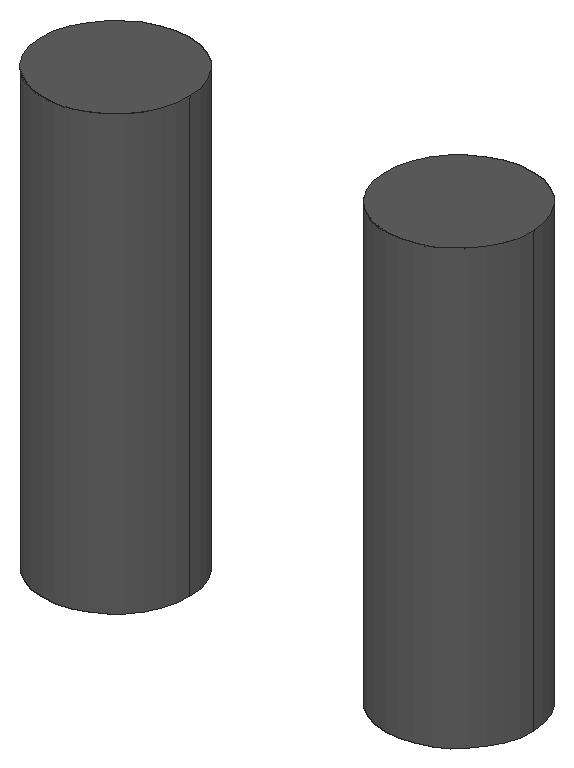
Revit family "5220226733(2023)", category Plumbing Fixtures, Revit 2020
Family settings
  Round Connector Dimension = Use Diameter
  Part Type = Normal
  OmniClass Number = 23.45.55.00
  OmniClass Title = Sanitary Faucets, Wastes
  Work Plane-Based = No
  Always vertical = Yes
  Cut with Voids When Loaded = No
  Shared = No
  Room Calculation Point = No
Parameters (values of type "5220226733 HANSAVANTIS")
  Working Pressure = "50 - 1000 kPa"
  WarrantyStartDate [instance] = "n/a"
  WarrantyGuarantorParts = "n/a"
  WarrantyGuarantorLabor = "n/a"
  WarrantyDurationUnit = "Year"
  WarrantyDurationParts = "n/a"
  WarrantyDurationLabor = "n/a"
  WarrantyDescription = "http://warranty.hansa.com"
  Warranty Information URL = "http://warranty.hansa.com"
  VersionDate = "17/01/2024"
  Version = "1"
  ValvePattern = "n/a"
  ValveOperation = "n/a"
  ValveMechanism = "n/a"
  Uniclass2015Reference = "Pr_40_20_87_96"
  Uniclass2015Description = "Washbasin manual water supply sets"
  Uniclass2 = "Pr_40_30_96_96"
  URL UWL = "http://static.hansa.com/UWL/5220226733"
  URL REACH = "http://static.hansa.com/doc/reach"
  URL EcoLabel Declaration = "http://static.hansa.com/doc/EcoLabel"
  URL EU Packaging Declaration = "http://static.hansa.com/doc/packaging"
  URL Declaration of SCIP = "http://static.hansa.com/doc/SCIP"
  URL Declaration of Conformity = "http://static.hansa.com/DoC/5220226733"
  URL Declaration of Asbestos = "http://static.hansa.com/doc/asbestos"
  URL Declaration Of Performance (DOP) = "http://static.hansa.com/doc/DoP"
  URL = ""
  UNSPSC Class Number = "30181700 Faucets or taps"
  TestPressure = "n/a"
  Temperature Adjustments = "Limitation option for maximum temperature and flow-rate "
  Technical DataSheet URL = "http://www.hansa.com/datasheet/5220226733/en"
  TagNumber [instance] = "n/a"
  SustainabilityPerformance = "n/a"
  Surface treatment = "Matt black"
  Spout Type = "Swivel spout"
  Spout Swivel Range = "120°"
  Spout Projection = "247 mm"
  Spare-Part Information URL = "http://static.hansa.com/sp/5220226733"
  Size = "54x261.5x338 mm"
  Shape = "Sculptured"
  SerialNumber [instance] = "n/a"
  Sales Package dimensions (LxWxH) = "508 x 249 x 96"
  Revision = "n/a"
  ReplacementCost = "n/a"
  ProductInformation = "Kitchen faucet with high spout"
  Product URL = "http://static.hansa.com/5220226733"
  Product Image URL = "http://static.hansa.com/image/5220226733"
  Product Family = "null Single-lever, side operated"
  Product Code = "5220226733"
  OperatingMechanismMaterial = "n/a"
  NominalWidth = 46.5 mm
  NominalHeight = 361 mm
  NominalDepth = 247 mm
  Noise Class = "I (ISO 3822)"
  Name_en = "5220226733 HANSAVANTIS"
  Name = "5220226733 HANSAVANTIS"
  NBSReference = "45-35-70/371"
  NBSDescription = "Water supply fittings for wash basins and troughs"
  ModelReference = "5220226733"
  ModelNumber = "n/a"
  Model = "5220226733 HANSAVANTIS"
  Mobile Product Information URL = "http://mpi.hansa.com/5220226733"
  Mechanical Parts = "30Cartridge"
  Max. Hot Water Supply = 70 °C
  Material = "Brass"
  Market = "International;Germany;Austria;Belgium;Netherlands;Czech Republic;Slovakia;Italy"
  ManufacturerURL = "http://www.hansa.com"
  ManufacturerName = "HANSA"
  Manufacturer = "HANSA"
  Lever Handle = "Single operating lever/handle;Pin shape;Hot/Cold symbols"
  Interactive AR View URL = "https://static.hansa.com/AR/5220226733"
  InstallationDate [instance] = "n/a"
  Installation and Maintenance Guide URL = "http://static.hansa.com/manual/5220226733"
  Installation Type = "Deck mounted"
  InletConnectionSize = 10 mm
  IfcExportType = "FAUCET"  # constant formula
  IfcExportAs = "IfcValveType"  # constant formula
  Group = "Sales item"
  Grade = "n/a"
  FlowCoefficient = 0
  Flow Rate At 300kPa With Flow Controller = 0.18 L/s
  Flow Drawing URL = "http://static.hansa.com/flowchart/5220226733"
  Finish = "Polished"
  Features = "Kitchen faucet"
  FaucetMainMaterial = Matt black
  FDV Document URL = "http://www.hansa.com/datasheet/5220226733/en/fdv"
  ExpectedLife = "n/a"
  ETIM Class Number = "EC011431 Kitchen mixing tap"
  EAN Number = "4057304019852"
  DurationUnit = "Year"
  Dimension Drawing URL = "http://static.hansa.com/dimdrw/5220226733"
  Description = ""
  DefaultElevation [instance] = 900 mm
  Default Elevation = 0 mm
  Constituents = "n/a"
  Connection Size = "G3/8"
  Connection = "Flexible inlet pipes"
  Color = "Matt black"
  CodePerformance = "n/a"
  CloseOffRating = 0
  Catalog Drawing URL = "http://static.hansa.com/catdrw/5220226733"
  Brand = "HANSA"
  BodyMaterial = "Brass"
  Barcode [instance] = "n/a"
  BIMObjectName = "5220226733(2023)"
  Author = "BIMStone"
  AssetType = "Fixed"
  AssetIdentifier [instance] = "n/a"
  Aerator = "Standard aerator"
  Advanced Features = "Inner body made of DZR brass"
  AccessibilityPerformance = "n/a"
  3D View = "https://static.hansa.com/AR/5220226733"
  2D/3D/BIM Files URL = "http://static.hansa.com/bim/5220226733"
Reference planes
  plane 1 "Center (Front/Back)": y = 0
  plane 2: z = 0
  plane 3 "Center (Left/Right)": x = 0
  plane 4: x = -23.25
  plane 5: z = 900
  plane 6: z = 870
  plane 7: x = 23.25
  plane 8: y = -247
  plane 9: z = 1261
  plane 10: x = 73.906
Forms (mm)
  Extrusion 1, solid, material "Matt black" <- "FaucetMainMaterial"
    sketch origin (0, 47.989, 0) x (1, 0, 0) y (0, 1, 0)
      loop
        circle (-11.5, -71.208) r 5
      loop
        circle (11.5, -71.208) r 5
    from 870 to 900
Dimensions and locks
  "DefaultElevation": plane 5 to level
  locked: plane 5 to plane 6 at 30
  equal spacing: plane 4, plane 3 "Center (Left/Right)", plane 7
  "NominalWidth": plane 4 to plane 7
  "NominalDepth": plane 8 to plane 1 "Center (Front/Back)"
  "NominalHeight": plane 9 to plane 5
  plane 4 to plane 10 = 97.156 mm
  "InletConnectionSize": diameter of Extrusion 1 sketch curve  (x2)
  aligned and locked: level to plane 2
  aligned and locked: plane 5 to Extrusion 1
  aligned and locked: Extrusion 1 to plane 6
  aligned and locked: nested 2 to plane 5
Automatic sketch dimensions
  plane 3 "Center (Left/Right)" to Extrusion 1 sketch curve = 11.5 mm
  Extrusion 1 sketch curve to plane 3 "Center (Left/Right)" = 11.5 mm
  plane 1 "Center (Front/Back)" to Extrusion 1 sketch curve = 23.219 mm  (x2)
Nested families
  nested 1: "Symbol" at (0, 0, 0), type "Symbol", detail levels coarse
  nested 2: "5220226733(2023)_p" at (0, 0, 900), Body <- "FaucetMainMaterial", type "5220226733(2023)_p"
    with Body Matt black
Connectors
  piping at (-11.5, -23.219, 870), diameter 10, driven by "InletConnectionSize"
    settings: on Extrusion 1, index 1, connector inside diameter 609.6 mm, connector length 0 mm, flow factor 0, pipe flow 0.0 L/s, pressure drop 0.0 Pa, fitting loss kfactor 0, connector angle 0.00°, fixture units 0, engagement length 0 mm, angle of deflection 0.00°, flow configuration 1, flow direction 1, fitting loss method 0, system type 19, joint type 0, gender type 0, connector reference index -1, connector utility 0, adjustable connector no, is connector primary yes, connector description ""
  piping at (11.5, -23.219, 870), diameter 10, driven by "InletConnectionSize"
    settings: on Extrusion 1, index 2, connector inside diameter 609.6 mm, connector length 0 mm, flow factor 0, pipe flow 0.0 L/s, pressure drop 0.0 Pa, fitting loss kfactor 0, connector angle 0.00°, fixture units 0, engagement length 0 mm, angle of deflection 0.00°, flow configuration 1, flow direction 1, fitting loss method 0, system type 20, joint type 0, gender type 0, connector reference index -1, connector utility 0, adjustable connector no, is connector primary no, connector description ""
Definition of nested family "Symbol"
  Reference planes
    plane 1: y = 0
    plane 2: x = 0
  Lines and regions (mm)
    detail lines
      curve 1: line (0, 0, 0) -> (0, -1.8, 0)
      curve 2: line (-0.4, -1.1, 0) -> (0.4, -1.1, 0)
      curve 3: line (-0.4, -1.4, 0) -> (0.4, -1.4, 0)
      curve 4: line (0.863, 0, 0) -> (-0.863, 0, 0)
      curve 5: circle (-1.163, 0, 0) r 0.3 normal (0, 0, -1)
      curve 6: circle (1.163, 0, 0) r 0.3 normal (0, 0, 1)
Definition of nested family "5220226733(2023)_p"
  Parameters
    Default Elevation = 0 mm
    Body [instance] = none
  Reference planes
    plane 1 "Center (Front/Back)": y = 0
    plane 2: z = 0
    plane 3 "Center (Left/Right)": x = 0
    plane 4: y = -246.993
    plane 5: z = 361
    plane 6: x = -23.227
    plane 7: x = 23.227
    plane 8: x = 73.906
  Forms (mm)
    Revolve 1, solid, material <- "Body", detail levels medium
      sketch origin (0, -23.231, 0) x (1, 0, 0) y (0, 0, 1)
        loop
          line (0, 0) -> (0, 119.955) -> (-11.41, 119.955) -> (-11.41, 116.651)
          arc (-11.41, 116.651) -> (-14.514, 109.159) -> (-22.006, 106.055) r 10.596
          line (-22.006, 106.055) -> (-23.227, 106.055) -> (-23.227, 0) -> (0, 0)
        axis (0, 119.955) -> (0, 0)
      angle from 0 to 360
    Sweep 2, solid, material <- "Body", detail levels medium
      path origin (0, 0, 0) x (0, 1, 0) y (0, 0, 1)
        loop
          line (-23.231, 119.955) -> (-23.231, 244.483)
          arc (-23.231, 244.483) -> (-109.998, 347.888) -> (-226.898, 280.395) r 105
          line (-226.898, 280.395) -> (-237.859, 250.28)
      profile origin (0, -23.231, 182.219) x (0, -1, 0) y (1, 0, 0)
        loop
          circle (0, 0) r 11.41
    Extrusion 3, solid, material <- "Body", detail levels medium
      sketch origin (0, 0, 0) x (0, 1, 0) y (0, 0, 1)
        loop
          circle (-23.35, 63.254) r 21
      from 0 to 73.906
    Revolve 4, solid, material <- "Body", detail levels medium
      sketch origin (68.39, 0, 0) x (0, 1, 0) y (0, 0, 1)
        loop
          line (-63.264, 132.518) -> (-30.764, 76.226) -> (-26.236, 78.84) -> (-57.737, 133.4)
          arc (-57.737, 133.4) -> (-58.951, 134.332) -> (-60.467, 134.132) r 1.999
          line (-60.467, 134.132) -> (-63.264, 132.518)
        axis (-63.264, 132.518) -> (-30.764, 76.226)
      angle from 0 to 360
    Extrusion 5, solid, material <- "Body", detail levels coarse
      sketch origin (0, 0, 0) x (1, 0, 0) y (0, 1, 0)
        loop
          line (-23.227, 0) -> (-23.227, -246.993) -> (73.906, -246.993) -> (73.906, 0) -> (-23.227, 0)
      from 0 to 361
  Cuts and joins
    joined: Revolve 1, Sweep 2, Extrusion 3, Revolve 4
  Lines and regions (mm)
    symbolic lines, detail levels medium+fine
      curve 1: line (0, 0, 0) -> (0, -46.438, 0)
      curve 2: line (0, -46.438, 0) -> (0, -46.438, 92.61)
      curve 7: line (0, -46.438, 92.61) -> (0, -66.819, 128.206)
      curve 8: line (0, -60.47, 134.13) -> (0, -66.019, 130.953)
      curve 9: arc (0, -66.019, 130.953) -> (0, -66.974, 129.741) -> (0, -66.819, 128.206) r 2.06
      curve 10: arc (0, -57.729, 133.385) -> (0, -58.945, 134.326) -> (0, -60.47, 134.13) r 2.009
      curve 11: line (0, -57.729, 133.385) -> (0, -42.195, 106.777)
      curve 12: arc (0, -42.195, 106.777) -> (0, -36.46, 111.019) -> (0, -34.607, 117.907) r 10.828
      curve 13: line (0, -34.607, 117.907) -> (0, -34.607, 245.499)
      curve 14: arc (0, -34.607, 245.499) -> (0, -110.959, 336.837) -> (0, -214.388, 277.891) r 92.809
      curve 15: line (0, -214.388, 277.891) -> (0, -225.47, 246.853)
      curve 16: arc (0, -225.47, 246.853) -> (0, -225.996, 246.272) -> (0, -226.778, 246.233) r 1.024
      curve 17: line (0, -226.778, 246.233) -> (0, -246.312, 253.343)
      curve 18: arc (0, -246.312, 253.343) -> (0, -246.887, 253.869) -> (0, -246.921, 254.648) r 1.019
      curve 19: line (0, -246.921, 254.648) -> (0, -235.871, 285.005)
      curve 20: arc (0, -235.871, 285.005) -> (0, -193.563, 340.129) -> (0, -127.283, 361) r 115.497
      curve 21: arc (0, -127.283, 361) -> (0, -45.574, 327.108) -> (0, -11.762, 245.365) r 115.578
      curve 22: line (0, -11.762, 245.365) -> (0, -11.762, 117.837)
      curve 23: arc (0, -11.762, 117.837) -> (0, -8.708, 109.894) -> (0, -1.119, 106.045) r 11.854
      curve 24: arc (0, -1.119, 106.045) -> (0, -0.346, 105.669) -> (0, 0, 104.883) r 1.249
      curve 25: line (0, 0, 104.883) -> (0, 0, 0)
      curve 28: line (0, 0, 0) -> (-23.245, 0, 0)
      curve 29: line (-23.245, 0, 0) -> (-23.245, 0, 105)
      curve 30: arc (-23.245, 0, 105) -> (-22.868, 0, 105.809) -> (-22.006, 0, 106.041) r 1.057
      curve 31: line (-11.411, 0, 349.693) -> (-11.411, 0, 117.757)
      curve 32: arc (-11.411, 0, 117.757) -> (-14.453, 0, 109.859) -> (-22.006, 0, 106.041) r 11.775
      curve 33: arc (0, 0, 361) -> (-8.063, 0, 357.725) -> (-11.411, 0, 349.693) r 11.307
      curve 35: line (0, 0, 0) -> (23.245, 0, 0)
      curve 36: line (23.245, 0, 0) -> (23.245, 0, 37.27)
      curve 37: arc (23.245, 0, 105) -> (22.868, 0, 105.809) -> (22.006, 0, 106.041) r 1.057
      curve 38: line (11.411, 0, 349.693) -> (11.411, 0, 117.757)
      curve 39: arc (11.411, 0, 117.757) -> (14.453, 0, 109.859) -> (22.006, 0, 106.041) r 11.775
      curve 40: arc (0, 0, 361) -> (8.063, 0, 357.725) -> (11.411, 0, 349.693) r 11.307
      curve 43: line (41.194, 0, 42.257) -> (28.8, 0, 42.257)
      curve 44: arc (28.8, 0, 42.257) -> (25.068, 0, 40.828) -> (23.245, 0, 37.27) r 5.587
      curve 45: line (41.194, 0, 42.257) -> (41.194, 0, 43.405)
      curve 46: line (41.194, 0, 84.253) -> (28.37, 0, 84.253)
      curve 47: arc (28.37, 0, 84.253) -> (24.706, 0, 85.795) -> (23.245, 0, 89.491) r 5.126
      curve 48: line (23.245, 0, 89.491) -> (23.245, 0, 105)
      curve 52: line (41.194, 0, 43.405) -> (43.515, 0, 44.07)
      curve 53: arc (43.515, 0, 44.07) -> (45.054, 0, 44.627) -> (46.503, 0, 45.385) r 12.11
      curve 55: line (72.352, 0, 42.287) -> (49.555, 0, 42.287)
      curve 56: arc (49.555, 0, 42.287) -> (48.783, 0, 42.471) -> (48.179, 0, 42.984) r 1.706
      curve 57: arc (48.179, 0, 42.984) -> (47.327, 0, 44.175) -> (46.503, 0, 45.385) r 63.042
      curve 58: arc (73.906, 0, 43.927) -> (73.482, 0, 42.773) -> (72.352, 0, 42.287) r 1.556
      curve 59: line (73.906, 0, 43.927) -> (73.906, 0, 130.607)
      curve 60: arc (73.906, 0, 130.607) -> (73.209, 0, 132.734) -> (71.387, 0, 134.034) r 3.591
      curve 61: arc (71.387, 0, 134.034) -> (68.253, 0, 134.423) -> (65.183, 0, 133.687) r 8.849
      curve 62: arc (65.183, 0, 133.687) -> (63.79, 0, 132.426) -> (63.431, 0, 130.582) r 2.975
      curve 63: line (63.431, 0, 130.582) -> (62.93, 0, 86.747)
      curve 64: line (43.166, 0, 84.274) -> (61.286, 0, 84.274)
      curve 65: arc (62.93, 0, 86.747) -> (62.871, 0, 85.987) -> (62.715, 0, 85.241) r 5.846
      curve 66: arc (62.715, 0, 85.241) -> (62.178, 0, 84.496) -> (61.286, 0, 84.274) r 1.334
      curve 67: line (43.166, 0, 84.274) -> (43.166, 0, 82.482)
      curve 70: line (43.166, 0, 82.482) -> (41.194, 0, 83.048)
      curve 71: line (41.194, 0, 83.048) -> (41.194, 0, 84.253)
      curve 73: line (-11.579, -43.321, 0) -> (-11.579, -236.414, 0)
      curve 74: arc (-11.579, -236.414, 0) -> (-8.121, -244.256, 0) -> (0, -246.993, 0) r 10.623
      curve 78: arc (11.579, -236.414, 0) -> (8.121, -244.256, 0) -> (0, -246.993, 0) r 10.623
      curve 82: line (41.2, -44.229, 0) -> (15.824, -44.229, 0)
      curve 83: arc (15.824, -44.229, 0) -> (13.697, -44.295, 0) -> (11.579, -44.492, 0) r 34.418
      curve 84: line (11.579, -44.492, 0) -> (11.579, -236.414, 0)
      curve 85: line (41.2, -43.07, 0) -> (41.2, -44.229, 0)
      curve 86: line (43.192, -42.498, 0) -> (41.2, -43.07, 0)
      curve 87: line (43.192, -42.498, 0) -> (43.192, -43.803, 0)
      curve 88: arc (43.192, -43.803, 0) -> (43.316, -44.104, 0) -> (43.618, -44.229, 0) r 0.426
      curve 89: line (43.618, -44.229, 0) -> (63.077, -44.229, 0)
      curve 90: line (63.077, -44.229, 0) -> (63.393, -62.33, 0)
      curve 91: arc (63.393, -62.33, 0) -> (64.453, -65.249, 0) -> (67.082, -66.902, 0) r 4.781
      curve 92: arc (67.082, -66.902, 0) -> (71.491, -66.098, 0) -> (73.906, -62.323, 0) r 5.613
      curve 93: line (73.906, -62.323, 0) -> (73.906, -3.625, 0)
      curve 94: arc (73.906, -3.625, 0) -> (73.506, -2.657, 0) -> (72.538, -2.256, 0) r 1.368
      curve 95: line (72.538, -2.256, 0) -> (46.729, -2.256, 0)
      curve 96: arc (46.729, -2.256, 0) -> (46.155, -2.356, 0) -> (45.647, -2.642, 0) r 1.71
      curve 97: arc (45.647, -2.642, 0) -> (44.77, -3.418, 0) -> (43.956, -4.26, 0) r 14.938
      curve 98: line (41.2, -3.441, 0) -> (42.717, -3.82, 0)
      curve 99: arc (42.717, -3.82, 0) -> (43.348, -4.01, 0) -> (43.956, -4.26, 0) r 6.786
      curve 100: line (41.2, -3.441, 0) -> (41.2, -2.539, 0)
      curve 101: arc (41.2, -2.539, 0) -> (41.113, -2.328, 0) -> (40.902, -2.241, 0) r 0.298
      curve 102: line (40.902, -2.241, 0) -> (15.902, -2.241, 0)
      curve 103: arc (15.902, -2.241, 0) -> (11.89, -2.018, 0) -> (7.927, -1.353, 0) r 36.267
      curve 110: arc (7.927, -1.353, 0) -> (-21.063, -13.396, 0) -> (-11.579, -43.321, 0) r 23.227
    symbolic lines, detail levels fine
      curve 3: line (0, -46.438, 92.61) -> (0, -46.438, 104.971)
      curve 4: arc (0, -46.438, 104.971) -> (0, -46.18, 105.688) -> (0, -45.523, 106.075) r 1.124
      curve 5: line (0, -45.523, 106.075) -> (0, -43.394, 106.478)
      curve 6: arc (0, -43.394, 106.478) -> (0, -42.79, 106.611) -> (0, -42.195, 106.777) r 10.828
      curve 26: line (0, -1.119, 106.045) -> (0, -45.683, 106.045)
      curve 27: line (0, -219.929, 262.372) -> (0, -241.281, 270.143)
      curve 34: line (-22.006, 0, 106.041) -> (0, 0, 106.041)
      curve 41: line (22.006, 0, 106.041) -> (0, 0, 106.041)
      curve 42: spline (11.411, 0, 250.226) -> (11.023, 0, 251.349) -> (9.883, 0, 252.396) -> (8.069, 0, 253.295) -> (5.706, 0, 253.985) -> (2.953, 0, 254.419) -> (0, 0, 254.567) -> (-2.953, 0, 254.419) -> (-5.706, 0, 253.985) -> (-8.069, 0, 253.295) -> (-9.883, 0, 252.396) -> (-11.023, 0, 251.349) -> (-11.411, 0, 250.226) -> (-11.023, 0, 249.102) -> (-9.883, 0, 248.055) -> (-8.069, 0, 247.156) -> (-5.706, 0, 246.466) -> (-2.953, 0, 246.032) -> (0, 0, 245.884) -> (2.953, 0, 246.032) -> (5.706, 0, 246.466) -> (8.069, 0, 247.156) -> (9.883, 0, 248.055) -> (11.023, 0, 249.102) -> (11.411, 0, 250.226)
      curve 49: line (24.706, 0, 85.795) -> (12.95, 0, 69.614)
      curve 50: arc (12.95, 0, 69.614) -> (10.922, 0, 62.833) -> (13.577, 0, 56.272) r 10.684
      curve 51: line (13.577, 0, 56.272) -> (25.373, 0, 41.083)
      curve 54: line (41.194, 0, 43.405) -> (41.194, 0, 83.048)
      curve 68: arc (43.166, 0, 54.274) -> (43.314, 0, 52.828) -> (43.752, 0, 51.442) r 7.131
      curve 69: arc (43.752, 0, 51.442) -> (45.101, 0, 48.401) -> (46.503, 0, 45.385) r 186.065
      curve 72: line (43.166, 0, 82.482) -> (43.166, 0, 54.274)
      curve 75: line (-11.579, -43.321, 0) -> (-11.579, -23.321, 0)
      curve 76: arc (-11.579, -23.321, 0) -> (-8.185, -15.148, 0) -> (0, -11.782, 0) r 11.539
      curve 77: line (11.579, -43.321, 0) -> (11.579, -44.492, 0)
      curve 79: line (11.579, -43.321, 0) -> (11.579, -23.321, 0)
      curve 80: arc (11.579, -23.321, 0) -> (8.185, -15.148, 0) -> (0, -11.782, 0) r 11.539
      curve 81: arc (11.579, -43.321, 0) -> (23.14, -21.172, 0) -> (7.927, -1.353, 0) r 23.227
      curve 104: line (41.2, -3.441, 0) -> (41.2, -43.07, 0)
      curve 105: line (63.077, -44.229, 0) -> (62.942, -36.462, 0)
      curve 106: arc (62.942, -36.462, 0) -> (63.837, -33.659, 0) -> (66.251, -31.977, 0) r 4.586
      curve 107: arc (66.251, -31.977, 0) -> (70.938, -32.488, 0) -> (73.906, -36.151, 0) r 6.192
      curve 108: line (43.192, -42.498, 0) -> (43.192, -6.167, 0)
      curve 109: arc (43.192, -6.167, 0) -> (43.39, -5.139, 0) -> (43.956, -4.26, 0) r 2.759
  Dimensions and locks
    aligned and locked: level to plane 2
